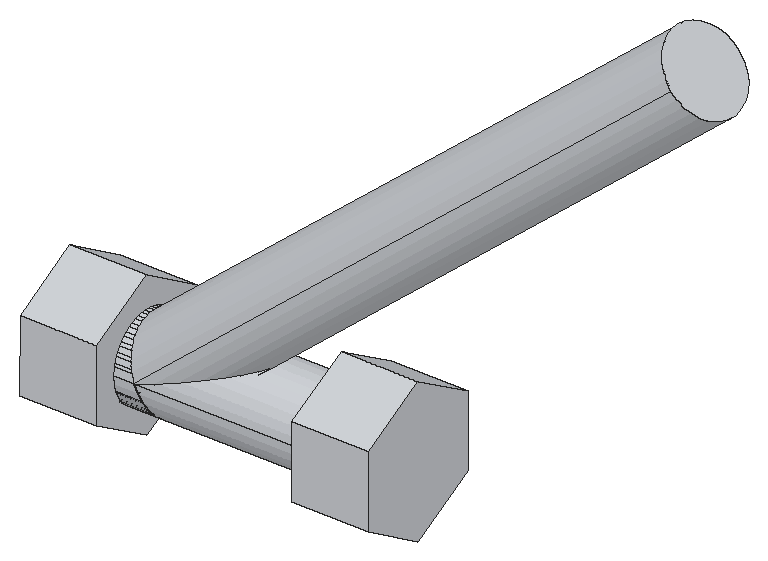
Revit family "304_Cim727(OT)-_", category Pipe Accessories, Revit 2017
Family settings
  Round Connector Dimension = Use Diameter
  Part Type = Valve - Breaks Into
  Work Plane-Based = No
  Always vertical = Yes
  Cut with Voids When Loaded = No
  Shared = No
Parameters (values of type "Cim727(OT)-15L")
  magi_piping_given_dp [instance] = 0.0 Pa
  magiProductId = "Cim727(OT)-15L"
  magiProductFamilyId = "Cim727(OT)-*"
  magiProductCode = "Cim727(OT)-15L"
  magiPartTypeId = 304
  ang2D [instance] = 0.00°
  Z = 88 mm
  XX1 = 104.874 mm
  X = 90 mm
  W2D = 15 mm
  VersionID = "2.0/2015.11/CIMBERIO_CIM727_Q13_001"
  Use Minimum Symbol Size [instance] = yes
  URL = "www.cimberio.it"
  R1 = 14 mm
  QmdConnectorList = "301;D;302;D"
  Productdata [instance] = "© Progman Oy, all rights reserved"
  Manufacturer = "Cimberio"
  MC_Default_elevation = 0 mm
  LL2 = 38 mm
  LL1 = 34 mm
  L2D_Min = 3048 mm
  L2D = 68 mm
  Description = "BALANCING VALVE - PN 20"
  DL__ve = -DL  # -15 mm
  DL = 15 mm
  D1 = 16.5 mm
  D = 15 mm
  CenSd_R1_6 = R1 * cos(30.00°)  # 12.124 mm
  CAT0 = yes
Types (7, lengths in mm): name | magiProductId | magiProductCode | Z | XX1 | X | W2D | R1 | LL2 | LL1 | L2D | DL__ve | DL | D1 | D | CenSd_R1_6
  Cim727(OT)-15L | "Cim727(OT)-15L" | "Cim727(OT)-15L" | 88 | 104.874 | 90 | 15 | 14 | 38 | 34 | 68 | -15 | 15 | 16.5 | 15 | 12.124
  Cim727(OT)-50 | "Cim727(OT)-50" | "Cim727(OT)-50" | 177 | 177 | 142 | 50 | 35.5 | 91.6 | 71.5 | 143 | -25.7 | 25.7 | 55 | 50 | 30.744
  Cim727(OT)-40 | "Cim727(OT)-40" | "Cim727(OT)-40" | 165 | 165 | 136 | 40 | 28 | 73.2 | 58 | 116 | -21.4 | 21.4 | 44 | 40 | 24.249
  Cim727(OT)-32 | "Cim727(OT)-32" | "Cim727(OT)-32" | 128 | 128 | 102 | 32 | 25.5 | 65.2 | 54 | 108 | -21.4 | 21.4 | 35.2 | 32 | 22.084
  Cim727(OT)-25 | "Cim727(OT)-25" | "Cim727(OT)-25" | 119 | 119 | 99 | 25 | 20 | 52.8 | 45.5 | 91 | -19.1 | 19.1 | 27.5 | 25 | 17.321
  Cim727(OT)-20 | "Cim727(OT)-20" | "Cim727(OT)-20" | 105 | 125.134 | 105 | 20 | 16.5 | 44.4 | 38.5 | 77 | -16.3 | 16.3 | 22 | 20 | 14.289
  Cim727(OT)-15 | "Cim727(OT)-15" | "Cim727(OT)-15" | 88 | 104.874 | 90 | 15 | 14 | 38 | 34 | 68 | -15 | 15 | 16.5 | 15 | 12.124
Reference planes
  plane 1 "Center (Front/Back)": y = 0
  plane 2 "XYPLANE": z = 0
  plane 3 "Center (Left/Right)": x = 0
  plane 4 "INIT_TEMP": y = 100
  plane 5 "75": x = -14.874
  plane 6 "74": x = -19
  plane 7 "73": x = 34
  plane 8 "72": x = -34
  plane 9 "71": z = 0
  plane 10 "70": y = 0
  plane 11 "68": x = 90
  plane 12 "67": z = 88
Forms (mm)
  Extrusion 1, solid, visible <- "CAT0"
    sketch origin (-19, -750, 0) x (0, 1, 0) y (0, 0, 1)
      loop
        circle (750, 0) r 8.25
    from 0 to 38 <- "LL2"
  Extrusion 2, solid, visible <- "CAT0"
    sketch origin (34, -750, 0) x (0, 1, 0) y (0, 0, 1)
      loop
        line (750, 14) -> (737.876, 7) -> (737.876, -7) -> (750, -14) -> (762.124, -7) -> (762.124, 7) -> (750, 14)
    from 0 to -15 <- "DL__ve"
  Extrusion 3, solid, visible <- "CAT0"
    sketch origin (-34, -750, 0) x (0, 1, 0) y (0, 0, 1)
      loop
        line (750, 14) -> (737.876, 7) -> (737.876, -7) -> (750, -14) -> (762.124, -7) -> (762.124, 7) -> (750, 14)
    from 0 to 15 <- "DL"
  Sweep 4, solid, visible <- "CAT0"
    path origin (750, 0, 0) x (-1, 0, 0) y (0, 0, 1)
      loop
        line (784, 0) -> (764.874, 0) -> (660, 88)
    profile origin (-34, 0, 0) x (0, 0, -1) y (0, 1, 0)
      loop
        circle (0, 0) r 8.25
  Extrusion 5, solid, not visible
    sketch origin (-34, -750, 0) x (0, 1, 0) y (0, 0, 1)
      loop
        circle (750, 0) r 10
    from 0 to 10
  Extrusion 6, solid, not visible
    sketch origin (34, -750, 0) x (0, 1, 0) y (0, 0, 1)
      loop
        circle (750, 0) r 10
    from 0 to -10
Lines and regions (mm)
  reference lines
    curve 1: circle (34, 0, 0) r 1 normal (-1, 0, 0)
    curve 2: circle (-34, 0, 0) r 1 normal (1, 0, 0)
Text (mm)
  text "© Progman Oy, all rights reserved" at (-472.209, -2482.653, 0), in view "Ref. Level"
Dimensions and locks
  plane 4 "INIT_TEMP" to plane 1 "Center (Front/Back)" = 100 mm
  "XX1": plane 11 "68" to plane 5 "75"
  "DL": plane 8 "72" to plane 6 "74"
  "LL1": plane 3 "Center (Left/Right)" to plane 7 "73"
  "LL1": plane 3 "Center (Left/Right)" to plane 8 "72"
  locked: plane 2 "XYPLANE" to plane 9 "71"
  locked: plane 1 "Center (Front/Back)" to plane 10 "70"
  "X": plane 3 "Center (Left/Right)" to plane 11 "68"
  "Z": plane 2 "XYPLANE" to plane 12 "67"
  "CenSd_R1_6": curve 1 to Extrusion 2 sketch curve  (x6)
  "R1": curve 1 to Extrusion 2 sketch curve  (x6)
  "CenSd_R1_6": curve 2 to Extrusion 3 sketch curve  (x6)
  "R1": curve 2 to Extrusion 3 sketch curve  (x6)
  "D1": diameter of Extrusion 1 sketch curve
  "D1": diameter of Sweep 4 sketch curve
  aligned and locked: level to plane 2 "XYPLANE"
  aligned and locked: plane 9 "71" to Extrusion 1 sketch curve
  aligned and locked: Extrusion 1 sketch curve to plane 10 "70"
  aligned and locked: plane 9 "71" to curve 1
  aligned and locked: curve 1 to plane 10 "70"
  aligned and locked: plane 9 "71" to curve 2
  aligned and locked: curve 2 to plane 10 "70"
  aligned and locked: plane 9 "71" to Sweep 4 sketch curve  (x3)
  aligned and locked: Sweep 4 sketch curve to plane 10 "70"
  aligned and locked: plane 8 "72" to Sweep 4 sketch curve
  aligned and locked: plane 5 "75" to Sweep 4 sketch curve  (x2)
  aligned and locked: plane 11 "68" to Sweep 4 sketch curve
  aligned and locked: plane 12 "67" to Sweep 4 sketch curve
  aligned and locked: plane 9 "71" to Extrusion 5 sketch curve
  aligned and locked: Extrusion 5 sketch curve to plane 10 "70"
  aligned and locked: plane 9 "71" to Extrusion 6 sketch curve
  aligned and locked: Extrusion 6 sketch curve to plane 10 "70"
Automatic sketch dimensions
  plane 1 "Center (Front/Back)" to Extrusion 5 sketch curve = 10 mm
  plane 1 "Center (Front/Back)" to Extrusion 6 sketch curve = 10 mm
  radius of curve 1 = 1 mm
  radius of curve 2 = 1 mm
Connectors
  piping at (-34, 0, 0), diameter 15, driven by "D"
    settings: on Extrusion 5, index 1, connector inside diameter 609.6 mm, connector length 0 mm, flow factor 0, pipe flow 0.0 L/s, pressure drop 0.0 Pa, fitting loss kfactor 0, connector angle 0.00°, fixture units 0, engagement length 0 mm, angle of deflection 0.00°, flow configuration 0, flow direction 0, fitting loss method 0, system type 29, joint type 0, gender type 0, connector reference index 2, connector utility 0, adjustable connector no, is connector primary yes, connector description ""
  piping at (34, 0, 0), diameter 15, driven by "D"
    settings: on Extrusion 6, index 2, connector inside diameter 609.6 mm, connector length 0 mm, flow factor 0, pipe flow 0.0 L/s, pressure drop 0.0 Pa, fitting loss kfactor 0, connector angle 0.00°, fixture units 0, engagement length 0 mm, angle of deflection 0.00°, flow configuration 0, flow direction 0, fitting loss method 0, system type 29, joint type 0, gender type 0, connector reference index 1, connector utility 0, adjustable connector no, is connector primary no, connector description ""
